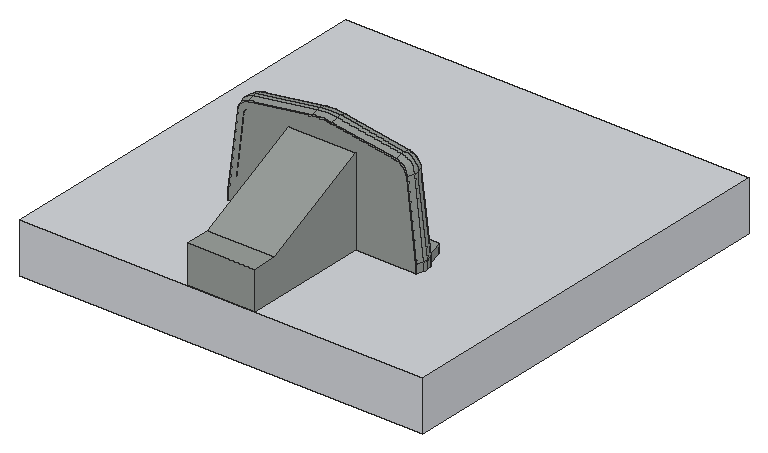
Revit family
Parameters (values of type "3604-2-H-PDM")
  Waste Connection = yes
  Vent Connection = no
  URL = "http://www.acorneng.com"
  ST - Single Temperature Valve = no
  SO-BAT - Sensor Operation (Battery) = no
  SO - Sensor Operation = no
  PDM - Metering Liquid Soap Dispenser = yes
  PBE - Pushbutton Electronic Metering = no
  OCT - Optional Terrazzo Colors, Specify = no
  Model = "3604-2-H-PDM"
  Material = Terrazzo
  Manufacturer = "Acorn Engineering"
  JH32 - 32" Juinor Rim Height = no
  JH30 - 30" Juinor Rim Height = no
  JH28 - 28" Juinor Rim Height = no
  JH26 - 26" Junior Rim Height = no
  HW Connection = no
  H - Hand Operation = yes
  Designed By = "ATS BIM Team"
  Description = "Acorn Terrazzo Quad-Lav - 4 Stations - ADA Compliant"
  Default Elevation = 2' - 10"
  Copyrighted By = "ATS"
  CW Connection = no
Reference planes (in)
  plane 1 "Center (Front/Back)": y = 34
  plane 2: z = 0
  plane 3 "Center (Left/Right)": x = 0
  plane 4: x = -23
  plane 5: x = 23
  plane 6: y = 30
  plane 7: y = 40.5
  plane 8: z = 9
  plane 9: z = 26
  plane 10: x = -8
  plane 11: x = 8
  plane 12: z = 11
  plane 13: y = 23.75
  plane 14: y = 36.64324
  plane 15: z = 1.375
Forms (in)
  Extrusion 1, solid
    sketch origin (0, 0, 0) x (1, 0, 0) y (0, 1, 0)
      loop
        line (-48, 97) -> (-48, 0) -> (48, 0) -> (48, 97) -> (-48, 97)
    from 0 to -12
  Extrusion 2, solid, material "Terrazzo" <- "Material"
    sketch origin (0, 0, 0) x (0, 1, 0) y (0, 0, 1)
      loop
        line (0, 0) -> (30, 0) -> (30, 20.70558) -> (6, 9) -> (0, 9) -> (0, 0)
    from -8 to 8
  Sweep 3, solid, material "Terrazzo" <- "Material"
    path origin (0, 30, 0) x (0, 0, -1) y (-1, 0, 0)
      loop
        line (0, 23) -> (-2, 23) -> (-20.02741, 20.78651)
        arc (-20.02741, 20.78651) -> (-22.18058, 19.75695) -> (-23.27647, 17.63677) r 3.75
        line (-23.27647, 17.63677) -> (-25.63471, 2.36553)
        arc (-25.63471, 2.36553) -> (-25.81628, 0) -> (-25.63471, -2.36553) r 15.5
        line (-25.63471, -2.36553) -> (-23.27647, -17.63677)
        arc (-23.27647, -17.63677) -> (-22.18058, -19.75695) -> (-20.02741, -20.78651) r 3.75
        line (-20.02741, -20.78651) -> (-2, -23) -> (0, -23)
    profile origin (-23, 30, 1) x (1, 0, 0) y (0, 1, 0)
      loop
        line (2.02741, 4) -> (0.52029, 4)
        arc (0.52029, 4) -> (0.32638, 3.92942) -> (0.2232, 3.75071) r 0.30167
        line (0.2232, 3.75071) -> (0.03581, 2.68795)
        arc (0.03581, 2.68795) -> (0.00224, 2.17583) -> (0.08032, 1.66859) r 2.35708
        line (0.08032, 1.66859) -> (0.49354, 0.12641)
        arc (0.49354, 0.12641) -> (0.55446, 0.03524) -> (0.65828, 0) r 0.17056
        line (0.65828, 0) -> (2.02741, 0) -> (2.02741, 4)
  Extrusion 4, solid, material "Terrazzo" <- "Material"
    sketch origin (0, 30, 0) x (0, 0, -1) y (-1, 0, 0)
      loop
        line (0, -21.17181) -> (0, 21.17181) -> (-1.88819, 21.17181) -> (-19.81012, 18.97127)
        arc (-19.81012, 18.97127) -> (-20.89861, 18.4546) -> (-21.46098, 17.389) r 1.90937
        line (-21.46098, 17.389) -> (-23.87772, 1.72274)
        arc (-23.87772, 1.72274) -> (-23.97155, 0.86384) -> (-23.98912, 0) r 9.76773
        arc (-23.98912, 0) -> (-23.97155, -0.86384) -> (-23.87772, -1.72274) r 9.76773
        line (-23.87772, -1.72274) -> (-21.46098, -17.389)
        arc (-21.46098, -17.389) -> (-20.89861, -18.4546) -> (-19.81012, -18.97127) r 1.90937
        line (-19.81012, -18.97127) -> (-1.88819, -21.17181) -> (0, -21.17181)
    from 0 to 0.14324
  Extrusion 5, solid, material "Terrazzo" <- "Material"
    sketch origin (0, 0, 0) x (1, 0, 0) y (0, 1, 0)
      loop
        arc (-22.28506, 33.9288) -> (-22.58243, 33.98197) -> (-22.7768, 33.75071) r 0.30167
        line (-22.7768, 33.75071) -> (-22.96419, 32.68795)
        arc (-22.96419, 32.68795) -> (-22.99776, 32.17583) -> (-22.91968, 31.66859) r 2.35708
        line (-22.91968, 31.66859) -> (-22.50646, 30.12641)
        arc (-22.50646, 30.12641) -> (-22.44554, 30.03524) -> (-22.34172, 30) r 0.17056
        line (-22.34172, 30) -> (22.34172, 30)
        arc (22.34172, 30) -> (22.44554, 30.03524) -> (22.50646, 30.12641) r 0.17056
        line (22.50646, 30.12641) -> (22.91968, 31.66859)
        arc (22.91968, 31.66859) -> (22.99776, 32.17583) -> (22.96419, 32.68795) r 2.35708
        line (22.96419, 32.68795) -> (22.7768, 33.75071)
        arc (22.7768, 33.75071) -> (22.58243, 33.98197) -> (22.28506, 33.9288) r 0.30167
        line (22.28506, 33.9288) -> (20.97069, 38.51253)
        arc (20.97069, 38.51253) -> (20.72137, 38.88896) -> (20.30111, 39.05404) r 0.75
        arc (20.30111, 39.05404) -> (0, 39.75) -> (-20.30111, 39.05404) r 296.43961
        arc (-20.30111, 39.05404) -> (-20.72137, 38.88896) -> (-20.97069, 38.51253) r 0.75
        line (-20.97069, 38.51253) -> (-22.28506, 33.9288)
    from 0 to 1.876
  Extrusion 6, solid, material "Terrazzo" <- "Material"
    sketch origin (0, 0, 0) x (0, 1, 0) y (0, 0, 1)
      loop
        arc (34, 1.876) -> (31.27286, 3.00562) -> (30.14324, 5.73276) r 3.85676
        line (30.14324, 5.73276) -> (30.14324, 1.876) -> (34, 1.876)
    from -21.27463 to 21.3877
  Blend 7, solid, material "Terrazzo" <- "Material"
    base sketch origin (0, 30, 0) x (0, 0, -1) y (-1, 0, 0)
      loop
        line (0, 8) -> (-1.876, 8) -> (-8.31043, 6.86544)
        arc (-8.31043, 6.86544) -> (-8.84389, 6.58774) -> (-9.12159, 6.05428) r 1
        line (-9.12159, 6.05428) -> (-10.03603, 0.86824)
        arc (-10.03603, 0.86824) -> (-10.11199, 0) -> (-10.03603, -0.86824) r 5
        line (-10.03603, -0.86824) -> (-9.12159, -6.05428)
        arc (-9.12159, -6.05428) -> (-8.84389, -6.58774) -> (-8.31043, -6.86544) r 1
        line (-8.31043, -6.86544) -> (-1.876, -8) -> (0, -8) -> (0, 8)
    top sketch origin (0, 30, 0) x (0, 0, -1) y (-1, 0, 0)
      loop
        arc (-8.9254, -6.01968) -> (-8.70302, -6.44687) -> (-8.27584, -6.66924) r 0.80078
        line (-8.27584, -6.66924) -> (-1.85857, -7.80078) -> (0, -7.80078) -> (0, 7.80078) -> (-1.85857, 7.80078) -> (-8.27584, 6.66924)
        arc (-8.27584, 6.66924) -> (-8.70302, 6.44687) -> (-8.9254, 6.01968) r 0.80078
        line (-8.9254, 6.01968) -> (-9.83984, 0.83365)
        arc (-9.83984, 0.83365) -> (-9.91277, 0) -> (-9.83984, -0.83365) r 4.80078
        line (-9.83984, -0.83365) -> (-8.9254, -6.01968)
    from 6.35724 to 10.5
  Extrusion 8, solid, material "Terrazzo" <- "Material"
    sketch origin (0, 23.75, 0) x (0, 0, -1) y (-1, 0, 0)
      loop
        circle (-11, 0) r 0.75
    from 0 to 6.25
  Revolve 9, solid, material "Terrazzo" <- "Material"
    sketch origin (0.15605, 0, 4.21534) x (0, 1, 0) y (-0.986637, 0, 0.162931)
      loop
        line (36.93774, 4.34226) -> (35.14328, 4.34226) -> (35.14328, 3.96688)
        arc (35.14328, 3.96688) -> (35.24725, 3.70772) -> (35.50152, 3.59226) r 0.375
        line (35.50152, 3.59226) -> (36.63174, 3.59226) -> (36.63174, 4.10826) -> (36.93774, 4.10826) -> (36.93774, 4.34226)
      axis (35.14328, 4.34226) -> (36.93774, 4.34226)
    angle from 0 to 360
  Revolve 10, solid, material "Terrazzo" <- "Material"
    sketch origin (0.15605, 0, 4.21534) x (0, 1, 0) y (-0.986637, 0, 0.162931)
      loop
        line (35.74118, 5.0504) -> (35.38843, 6.34722) -> (34.92704, 6.22172) -> (34.92503, 6.15948) -> (35.10627, 5.49322) -> (35.21993, 5.52414) -> (35.258, 5.37717)
        arc (35.258, 5.37717) -> (35.23504, 5.36338) -> (35.22327, 5.33933) r 0.04724
        line (35.22327, 5.33933) -> (35.21017, 5.26199)
        arc (35.21017, 5.26199) -> (35.20898, 5.24162) -> (35.21222, 5.22147) r 0.09372
        line (35.21222, 5.22147) -> (35.25375, 5.0706)
        arc (35.25375, 5.0706) -> (35.27015, 5.03791) -> (35.2978, 5.01399) r 0.09372
        line (35.2978, 5.01399) -> (35.3672, 4.97455)
        arc (35.3672, 4.97455) -> (35.40191, 4.96303) -> (35.43838, 4.96567) r 0.09372
        line (35.43838, 4.96567) -> (35.74118, 5.0504)
      axis (35.75058, 5.05303) -> (35.38749, 6.35057)
    angle from 0 to 360
  Revolve 11, solid, material "Terrazzo" <- "Material"
    sketch origin (-1.02167, 0, 2.78939) x (0, 1, 0) y (-0.273162, 0, 0.961968)
      loop
        line (36.93774, 4.34226) -> (35.14328, 4.34226) -> (35.14328, 3.96688)
        arc (35.14328, 3.96688) -> (35.24725, 3.70772) -> (35.50152, 3.59226) r 0.375
        line (35.50152, 3.59226) -> (36.63174, 3.59226) -> (36.63174, 4.10826) -> (36.93774, 4.10826) -> (36.93774, 4.34226)
      axis (35.14328, 4.34226) -> (36.93774, 4.34226)
    angle from 0 to 360
  Revolve 12, solid, material "Terrazzo" <- "Material"
    sketch origin (-1.02167, 0, 2.78939) x (0, 1, 0) y (-0.273162, 0, 0.961968)
      loop
        line (35.74118, 5.0504) -> (35.38843, 6.34722) -> (34.92704, 6.22172) -> (34.92503, 6.15948) -> (35.10627, 5.49322) -> (35.21993, 5.52414) -> (35.258, 5.37717)
        arc (35.258, 5.37717) -> (35.23504, 5.36338) -> (35.22327, 5.33933) r 0.04724
        line (35.22327, 5.33933) -> (35.21017, 5.26199)
        arc (35.21017, 5.26199) -> (35.20898, 5.24162) -> (35.21222, 5.22147) r 0.09372
        line (35.21222, 5.22147) -> (35.25375, 5.0706)
        arc (35.25375, 5.0706) -> (35.27015, 5.03791) -> (35.2978, 5.01399) r 0.09372
        line (35.2978, 5.01399) -> (35.3672, 4.97455)
        arc (35.3672, 4.97455) -> (35.40191, 4.96303) -> (35.43838, 4.96567) r 0.09372
        line (35.43838, 4.96567) -> (35.74118, 5.0504)
      axis (35.75058, 5.05303) -> (35.38749, 6.35057)
    angle from 0 to 360
  Revolve 13, solid, material "Terrazzo" <- "Material"
    sketch origin (-0.15605, 0, 4.21534) x (0, 1, 0) y (-0.986637, 0, -0.162931)
      loop
        line (36.93774, -4.34226) -> (36.93774, -4.10826) -> (36.63174, -4.10826) -> (36.63174, -3.59226) -> (35.50152, -3.59226)
        arc (35.50152, -3.59226) -> (35.24725, -3.70772) -> (35.14328, -3.96688) r 0.375
        line (35.14328, -3.96688) -> (35.14328, -4.34226) -> (36.93774, -4.34226)
      axis (35.14328, -4.34226) -> (36.93774, -4.34226)
    angle from 0 to 360
  Revolve 14, solid, material "Terrazzo" <- "Material"
    sketch origin (-0.15605, 0, 4.21534) x (0, 1, 0) y (-0.986637, 0, -0.162931)
      loop
        line (35.74118, -5.0504) -> (35.43838, -4.96567)
        arc (35.43838, -4.96567) -> (35.40191, -4.96303) -> (35.3672, -4.97455) r 0.09372
        line (35.3672, -4.97455) -> (35.2978, -5.01399)
        arc (35.2978, -5.01399) -> (35.27015, -5.03791) -> (35.25375, -5.0706) r 0.09372
        line (35.25375, -5.0706) -> (35.21222, -5.22147)
        arc (35.21222, -5.22147) -> (35.20898, -5.24162) -> (35.21017, -5.26199) r 0.09372
        line (35.21017, -5.26199) -> (35.22327, -5.33933)
        arc (35.22327, -5.33933) -> (35.23504, -5.36338) -> (35.258, -5.37717) r 0.04724
        line (35.258, -5.37717) -> (35.21993, -5.52414) -> (35.10627, -5.49322) -> (34.92503, -6.15948) -> (34.92704, -6.22172) -> (35.38843, -6.34722) -> (35.74118, -5.0504)
      axis (35.75058, -5.05303) -> (35.38749, -6.35057)
    angle from 0 to 360
  Revolve 15, solid, material "Terrazzo" <- "Material"
    sketch origin (1.02167, 0, 2.78939) x (0, 1, 0) y (-0.273162, 0, -0.961968)
      loop
        line (36.93774, -4.34226) -> (36.93774, -4.10826) -> (36.63174, -4.10826) -> (36.63174, -3.59226) -> (35.50152, -3.59226)
        arc (35.50152, -3.59226) -> (35.24725, -3.70772) -> (35.14328, -3.96688) r 0.375
        line (35.14328, -3.96688) -> (35.14328, -4.34226) -> (36.93774, -4.34226)
      axis (35.14328, -4.34226) -> (36.93774, -4.34226)
    angle from 0 to 360
  Revolve 16, solid, material "Terrazzo" <- "Material"
    sketch origin (1.02167, 0, 2.78939) x (0, 1, 0) y (-0.273162, 0, -0.961968)
      loop
        line (35.74118, -5.0504) -> (35.43838, -4.96567)
        arc (35.43838, -4.96567) -> (35.40191, -4.96303) -> (35.3672, -4.97455) r 0.09372
        line (35.3672, -4.97455) -> (35.2978, -5.01399)
        arc (35.2978, -5.01399) -> (35.27015, -5.03791) -> (35.25375, -5.0706) r 0.09372
        line (35.25375, -5.0706) -> (35.21222, -5.22147)
        arc (35.21222, -5.22147) -> (35.20898, -5.24162) -> (35.21017, -5.26199) r 0.09372
        line (35.21017, -5.26199) -> (35.22327, -5.33933)
        arc (35.22327, -5.33933) -> (35.23504, -5.36338) -> (35.258, -5.37717) r 0.04724
        line (35.258, -5.37717) -> (35.21993, -5.52414) -> (35.10627, -5.49322) -> (34.92503, -6.15948) -> (34.92704, -6.22172) -> (35.38843, -6.34722) -> (35.74118, -5.0504)
      axis (35.75058, -5.05303) -> (35.38749, -6.35057)
    angle from 0 to 360
  Extrusion 17, solid, material "Terrazzo" <- "Material"
    sketch origin (3.13037, 38.50987, 9.60461) x (0.984682, 0, -0.174361) y (0, 1, 0)
      loop
        line (-2.09404, 1.18752) -> (-2.09404, -1.18748) -> (2.09396, -1.18748) -> (2.09396, 1.18752) -> (-2.09404, 1.18752)
    from 0 to 0.1094
  Extrusion 18, solid, material "Terrazzo" <- "Material"
    sketch origin (3.13037, 38.50987, 9.60461) x (0.984682, 0, -0.174361) y (0, 1, 0)
      loop
        line (-1.12504, 0.65602) -> (-1.12504, -0.65598) -> (-0.00004, -0.74998) -> (1.12496, -0.65598) -> (1.12496, 0.65602) -> (-0.00004, 0.75002) -> (-1.12504, 0.65602)
    from 0.625 to 0.1094
  Extrusion 19, solid, material "Terrazzo" <- "Material"
    sketch origin (7.30703, 38.50987, 5.51876) x (0.172935, 0, -0.984933) y (0, 1, 0)
      loop
        line (-2.09404, 1.18752) -> (-2.09404, -1.18748) -> (2.09396, -1.18748) -> (2.09396, 1.18752) -> (-2.09404, 1.18752)
    from 0 to 0.1094
  Extrusion 20, solid, material "Terrazzo" <- "Material"
    sketch origin (7.30703, 38.50987, 5.51876) x (0.172935, 0, -0.984933) y (0, 1, 0)
      loop
        line (-1.12504, 0.65602) -> (-1.12504, -0.65598) -> (-0.00004, -0.74998) -> (1.12496, -0.65598) -> (1.12496, 0.65602) -> (-0.00004, 0.75002) -> (-1.12504, 0.65602)
    from 0.625 to 0.1094
  Extrusion 21, solid, material "Terrazzo" <- "Material"
    sketch origin (-3.13037, 38.50987, 9.60461) x (-0.984682, 0, -0.174361) y (0, -1, 0)
      loop
        line (-2.09404, -1.18752) -> (2.09396, -1.18752) -> (2.09396, 1.18748) -> (-2.09404, 1.18748) -> (-2.09404, -1.18752)
    from 0 to 0.1094
  Extrusion 22, solid, material "Terrazzo" <- "Material"
    sketch origin (-3.13037, 38.50987, 9.60461) x (-0.984682, 0, -0.174361) y (0, -1, 0)
      loop
        line (-1.12504, -0.65602) -> (-0.00004, -0.75002) -> (1.12496, -0.65602) -> (1.12496, 0.65598) -> (-0.00004, 0.74998) -> (-1.12504, 0.65598) -> (-1.12504, -0.65602)
    from 0.625 to 0.1094
  Extrusion 23, solid, material "Terrazzo" <- "Material"
    sketch origin (-7.30703, 38.50987, 5.51876) x (-0.172935, 0, -0.984933) y (0, -1, 0)
      loop
        line (-2.09404, -1.18752) -> (2.09396, -1.18752) -> (2.09396, 1.18748) -> (-2.09404, 1.18748) -> (-2.09404, -1.18752)
    from 0 to 0.1094
  Extrusion 24, solid, material "Terrazzo" <- "Material"
    sketch origin (-7.30703, 38.50987, 5.51876) x (-0.172935, 0, -0.984933) y (0, -1, 0)
      loop
        line (-1.12504, -0.65602) -> (-0.00004, -0.75002) -> (1.12496, -0.65602) -> (1.12496, 0.65598) -> (-0.00004, 0.74998) -> (-1.12504, 0.65598) -> (-1.12504, -0.65602)
    from 0.625 to 0.1094
  Revolve 25, solid, material "Terrazzo" <- "Material"
    sketch origin (2.22628, 36.64324, -0.684) x (0, 0, -1) y (-1, 0, 0)
      loop
        line (-2.56, -16.45678) -> (-2.56, -15.81689) -> (-5.57279, -15.81689) -> (-5.57279, -16.12112) -> (-4.5656, -16.12112) -> (-4.5656, -16.31408) -> (-2.56, -16.45678)
      axis (-2.56, -15.81689) -> (-5.57279, -15.81689)
    angle from 0 to 360
  Revolve 26, solid, material "Terrazzo" <- "Material"
    sketch origin (-2.13994, 36.65276, -0.684) x (0, 0, -1) y (-1, 0, 0)
      loop
        line (-2.56, 16.45678) -> (-4.5656, 16.31408) -> (-4.5656, 16.12112) -> (-5.57279, 16.12112) -> (-5.57279, 15.81689) -> (-2.56, 15.81689) -> (-2.56, 16.45678)
      axis (-2.56, 15.81689) -> (-5.57279, 15.81689)
    angle from 0 to 360
Cuts and joins
  joined: Extrusion 2, Sweep 3, Extrusion 4, Extrusion 5, Extrusion 6, Blend 7, Revolve 9, Revolve 11, Revolve 13, Revolve 15, Extrusion 17, Extrusion 18, Extrusion 20, Extrusion 21, Extrusion 22, Extrusion 24
Dimensions and locks (in)
  plane 4 to plane 5 = 3' - 10"  (x2)
  plane 1 "Center (Front/Back)" to plane 6 = 0' - 4"
  plane 7 to plane 1 "Center (Front/Back)" = 0' - 6 1/2"
  Extrusion 1 to plane 9 = 2' - 2"  (x2)
  plane 8 to plane 9 = 1' - 5"
  plane 10 to plane 3 "Center (Left/Right)" = 0' - 8"
  aligned and locked: plane 2 to Extrusion 1
  aligned and locked: level to Extrusion 1
Connectors (in)
  piping at (0, 23.75, 11)
    settings: on Extrusion 8, index 1
